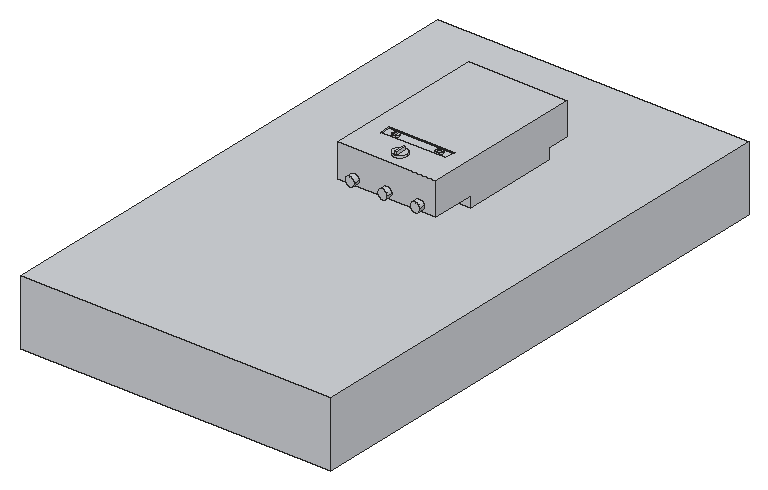
Revit family "M_Aquecedor de água - Sem reservatório", category Equipamento mecânico, Revit 2019
Family settings
  Hospedeiro = Face
  Cota do conector redondo = Usar raio
  Tipo de parte = Normal
  Número OmniClass = 23.65.35.11.14
  Título OmniClass = Instantaneous Water Heaters
  ID de item do Seek = Water Heater - Tankless-0000-CAN-ENU
  Corte com vazios quando carregada = Não
  Compartilhado = Não
  Ponto de cálculo do ambiente = Não
Parameters (values of type "2.3 L")
  Largura do aquecedor de água = 203 mm
  Material do aquecedor de água = none
  Comprimento do aquecedor de água = 457 mm
  Altura do aquecedor de água = 762 mm
  Voltagem = 120 V
  Raio da ventilação = 50 mm
  Diâmetro da ventilação = 2 * Raio da ventilação  # 100 mm
  Número de pólos = 1
  Classificação de carga = Eletrodoméstico - Unidade de interrupção
  Raio da água quente = 7.5 mm
  Diâmetro da água quente = 2 * Raio da água quente  # 15 mm
  Largura de meio aquecedor de água = Comprimento do aquecedor de água / 2  # 228.5 mm
  Raio do gás = 7.5 mm
  Diâmetro do gás = 2 * Raio do gás  # 15 mm
  Pressão do fluxo [instance] = 172369.0 Pa
  Fluxo [instance] = 0.82 L/s
  Elevação-padrão = 1500 mm
  Raio da água gelada = 7.5 mm
  Diâmetro da água gelada = 2 * Raio da água gelada  # 15 mm
  Carga aparente = 125 VA
Reference planes
  plane 1 "Centro (Frente/Trás)": y = 0
  plane 2: z = 0
  plane 3 "Centro (Esquerda/Direita)": x = 0
  plane 4: y = 762
  plane 5: x = -228.5
  plane 6: x = 228.5
  plane 7: z = 50.8
  plane 8: z = 203
  plane 9: y = 203.2
  plane 10: y = 660.4
  plane 11: y = -25.4
  plane 12: z = 76.2
  plane 13: x = -152.3
  plane 14: x = 152.3
  plane 15: y = 152.4
  plane 16: x = -152.4
  plane 17: x = 152.4
  plane 18: z = 199.825
  plane 19: x = -101.6
  plane 20: x = 101.6
  plane 21: y = 177.8
  plane 22: y = 76.2
  plane 23: z = 209.35
  plane 24: z = 206.175
  plane 25: x = 3.175
  plane 26: x = -3.175
  plane 27: z = 222.05
  plane 28: y = 101.6
  plane 29: y = 50.8
  plane 30: x = -103.187
  plane 31: x = -100.012
  plane 32: y = 190.5
  plane 33: y = 165.1
  plane 34: z = 126.9
Forms (mm)
  Extrusion 1, solid
    sketch origin (0, 0, 0) x (1, 0, 0) y (0, 1, 0)
      loop
        line (-736.6, 1219.2) -> (-736.6, -1219.2) -> (711.2, -1219.2) -> (711.2, 1219.2) -> (-736.6, 1219.2)
    from 0 to -304.8
  Extrusion 2, solid, material <- "Material do aquecedor de água", detail levels fine
    sketch origin (0, 0, 0) x (0, 1, 0) y (0, 0, 1)
      loop
        line (762, 203) -> (0, 203) -> (0, 50.8) -> (203.2, 50.8) -> (203.2, 0) -> (660.4, 0) -> (660.4, 50.8) -> (762, 50.8) -> (762, 203)
    from -228.5 to 228.5
  Extrusion 3, solid, material <- "Material do aquecedor de água", detail levels fine
    sketch origin (0, 0, 0) x (1, 0, 0) y (0, 0, 1)
      loop
        circle (-152.3, 76.2) r 21.431
      loop
        circle (0, 76.2) r 21.431
      loop
        circle (152.3, 76.2) r 21.431
    from 25.4 to 0
  Extrusion 4, void
    sketch origin (0, 0, 0) x (1, 0, 0) y (0, 1, 0)
      loop
        line (-152.4, 203.2) -> (-152.4, 152.4) -> (152.4, 152.4) -> (152.4, 203.2) -> (-152.4, 203.2)
    from 199.825 to 203
  Extrusion 5, solid, material <- "Material do aquecedor de água", detail levels fine
    sketch origin (0, 0, 0) x (1, 0, 0) y (0, 1, 0)
      loop
        circle (-101.6, 177.8) r 15.875
      loop
        circle (101.6, 177.8) r 15.875
    from 199.825 to 203
  Extrusion 6, solid, material <- "Material do aquecedor de água", detail levels fine
    sketch origin (0, 0, 0) x (1, 0, 0) y (0, 1, 0)
      loop
        circle (0, 76.2) r 31.75
    from 203 to 209.35
  Extrusion 7, solid, material <- "Material do aquecedor de água", detail levels fine
    sketch origin (0, 0, 0) x (1, 0, 0) y (0, 1, 0)
      loop
        circle (101.6, 177.8) r 6.35
    from 203 to 206.175
  Extrusion 8, solid, material <- "Material do aquecedor de água", detail levels fine
    sketch origin (0, 0, 0) x (1, 0, 0) y (0, 1, 0)
      loop
        line (-3.175, 101.6) -> (-3.175, 50.8) -> (3.175, 50.8) -> (3.175, 101.6) -> (-3.175, 101.6)
    from 209.35 to 222.05
  Extrusion 9, solid, material <- "Material do aquecedor de água", detail levels fine
    sketch origin (0, 0, 0) x (1, 0, 0) y (0, 1, 0)
      loop
        line (-103.187, 190.5) -> (-103.187, 165.1) -> (-100.012, 165.1) -> (-100.012, 190.5) -> (-103.187, 190.5)
    from 203 to 209.35
  Extrusion 10, solid
    sketch origin (0, 0, 0) x (1, 0, 0) y (0, 1, 0)
      loop
        circle (0, 152.4) r 3.175
    from 76.2 to 50.8
  Extrusion 11, solid, material <- "Material do aquecedor de água", detail levels fine
    sketch origin (0, 0, 0) x (1, 0, 0) y (0, 0, 1)
      loop
        circle (0, 126.9) r 12.7
    from -660.4 to -762
  Extrusion 12, solid, material <- "Material do aquecedor de água", detail levels coarse+medium
    sketch origin (0, 0, 0) x (1, 0, 0) y (0, 0, 1)
      loop
        line (228.5, 203) -> (-228.5, 203) -> (-228.5, 0) -> (228.5, 0) -> (228.5, 203)
    from -762 to 25.4
Cuts and joins
  Extrusion 4 cuts Extrusion 2
  joined: Extrusion 2, Extrusion 3, Extrusion 5, Extrusion 6, Extrusion 7, Extrusion 8, Extrusion 9, Extrusion 11
Dimensions and locks
  "Altura do aquecedor de água": plane 4 to plane 1 "Centro (Frente/Trás)"
  "Largura de meio aquecedor de água": plane 5 to plane 3 "Centro (Esquerda/Direita)"
  "Comprimento do aquecedor de água": plane 5 to plane 6
  locked: plane 7 to plane 2 at 50.8
  "Largura do aquecedor de água": plane 2 to plane 8
  locked: plane 4 to plane 10 at 101.6
  locked: plane 9 to plane 1 "Centro (Frente/Trás)" at 203.2
  locked: plane 11 to Extrusion 2 at 25.4
  locked: plane 12 to plane 2 at 76.2
  locked: plane 13 to plane 5 at 76.2
  locked: plane 6 to plane 14 at 76.2
  locked: plane 15 to plane 1 "Centro (Frente/Trás)" at 152.4
  locked: plane 16 to plane 3 "Centro (Esquerda/Direita)" at 152.4
  locked: plane 3 "Centro (Esquerda/Direita)" to plane 17 at 152.4
  locked: plane 8 to plane 18 at 3.175
  locked: plane 19 to plane 3 "Centro (Esquerda/Direita)" at 101.6
  locked: plane 3 "Centro (Esquerda/Direita)" to plane 20 at 101.6
  equal spacing: plane 9, plane 21, plane 15
  locked: plane 22 to plane 1 "Centro (Frente/Trás)" at 76.2
  locked: plane 23 to plane 8 at 6.35
  locked: plane 24 to plane 8 at 3.175
  locked: plane 3 "Centro (Esquerda/Direita)" to plane 25 at 3.175
  locked: plane 26 to plane 3 "Centro (Esquerda/Direita)" at 3.175
  locked: plane 23 to plane 27 at 12.7
  locked: plane 28 to plane 22 at 25.4
  locked: plane 22 to plane 29 at 25.4
  locked: plane 30 to plane 19 at 1.587
  locked: plane 19 to plane 31 at 1.587
  locked: plane 32 to plane 21 at 12.7
  locked: plane 21 to plane 33 at 12.7
  equal spacing: plane 7, plane 34, plane 8
  radius of Extrusion 3 sketch curve = 21.431 mm  (x3)
  radius of Extrusion 5 sketch curve = 15.875 mm  (x2)
  radius of Extrusion 6 sketch curve = 31.75 mm
  radius of Extrusion 7 sketch curve = 6.35 mm
  aligned and locked: plane 2 to Extrusion 1
  aligned and locked: level to Extrusion 1
  aligned and locked: plane 4 to Extrusion 2
  aligned and locked: plane 8 to Extrusion 2  (x2)
  aligned and locked: plane 1 "Centro (Frente/Trás)" to Extrusion 2
  aligned and locked: Extrusion 2 to plane 7  (x2)
  aligned and locked: Extrusion 2 to plane 2
  aligned and locked: Extrusion 2 to plane 10
  aligned and locked: Extrusion 2 to plane 5
  aligned and locked: plane 6 to Extrusion 2
  aligned and locked: plane 14 to Extrusion 3 sketch curve
  aligned and locked: plane 12 to Extrusion 3 sketch curve  (x3)
  aligned and locked: plane 3 "Centro (Esquerda/Direita)" to Extrusion 3 sketch curve
  aligned and locked: plane 13 to Extrusion 3 sketch curve
  aligned and locked: Extrusion 3 to plane 11
  aligned and locked: Extrusion 3 to plane 1 "Centro (Frente/Trás)"
  aligned and locked: cut or joined group 1 (Extrusion 2, Extrusion 3, Extrusion 4, Extrusion 5, Extrusion 6, Extrusion 7, Extrusion 8, Extrusion 9, Extrusion 11) to plane 16
  aligned and locked: cut or joined group 1 to plane 15
  aligned and locked: plane 17 to cut or joined group 1
  aligned and locked: cut or joined group 1 to plane 9
  aligned and locked: plane 8 to Extrusion 4
  aligned and locked: Extrusion 4 to plane 18
  aligned and locked: plane 20 to Extrusion 5 sketch curve
  aligned and locked: plane 21 to Extrusion 5 sketch curve  (x2)
  aligned and locked: plane 19 to Extrusion 5 sketch curve
  aligned and locked: cut or joined group 1 to Extrusion 5
  aligned and locked: plane 8 to Extrusion 5
  aligned and locked: plane 3 "Centro (Esquerda/Direita)" to Extrusion 6 sketch curve
  aligned and locked: plane 22 to Extrusion 6 sketch curve
  aligned and locked: plane 23 to Extrusion 6
  aligned and locked: Extrusion 6 to plane 8
  aligned and locked: plane 20 to Extrusion 7 sketch curve
  aligned and locked: plane 21 to Extrusion 7 sketch curve
  aligned and locked: plane 24 to Extrusion 7
  aligned and locked: Extrusion 7 to plane 8
  aligned and locked: plane 26 to Extrusion 8
  aligned and locked: Extrusion 8 to plane 25
  aligned and locked: plane 28 to Extrusion 8
  aligned and locked: Extrusion 8 to plane 29
  aligned and locked: plane 27 to Extrusion 8
  aligned and locked: Extrusion 8 to Extrusion 6
  aligned and locked: plane 31 to Extrusion 9
  aligned and locked: Extrusion 9 to plane 30
  aligned and locked: plane 32 to Extrusion 9
  aligned and locked: Extrusion 9 to plane 33
  aligned and locked: Extrusion 6 to Extrusion 9
  aligned and locked: Extrusion 9 to plane 8
  aligned and locked: plane 3 "Centro (Esquerda/Direita)" to Extrusion 10 sketch curve
  aligned and locked: plane 15 to Extrusion 10 sketch curve
  aligned and locked: plane 7 to Extrusion 10
  aligned and locked: plane 12 to Extrusion 10
  aligned and locked: plane 3 "Centro (Esquerda/Direita)" to Extrusion 11 sketch curve
  aligned and locked: plane 34 to Extrusion 11 sketch curve
  aligned and locked: plane 4 to Extrusion 11
  aligned and locked: plane 10 to Extrusion 11
  aligned and locked: plane 4 to Extrusion 12
  aligned and locked: plane 8 to Extrusion 12
  aligned and locked: plane 6 to Extrusion 12
  aligned and locked: Extrusion 12 to plane 5
  aligned and locked: Extrusion 12 to plane 2
  aligned and locked: plane 11 to Extrusion 12
Automatic sketch dimensions
  Extrusion 2 sketch curve to plane 1 "Centro (Frente/Trás)" = 0 mm
  Extrusion 2 sketch curve to plane 7 = 0 mm  (x2)
  Extrusion 2 sketch curve to plane 9 = 0 mm
  Extrusion 2 sketch curve to level = 0 mm
  Extrusion 2 sketch curve to plane 10 = 0 mm
  Extrusion 2 sketch curve to plane 4 = 0 mm
  Extrusion 2 sketch curve to plane 8 = 0 mm
  Extrusion 4 sketch curve to plane 13 = 0.1 mm
  plane 14 to Extrusion 4 sketch curve = 0.1 mm
  Extrusion 4 sketch curve to plane 15 = 0 mm
  Extrusion 4 sketch curve to plane 9 = 0 mm
  Extrusion 8 sketch curve to plane 26 = 0 mm
  Extrusion 8 sketch curve to plane 25 = 0 mm
  Extrusion 8 sketch curve to plane 29 = 0 mm
  Extrusion 8 sketch curve to plane 28 = 0 mm
  Extrusion 9 sketch curve to plane 30 = 0 mm
  Extrusion 9 sketch curve to plane 31 = 0 mm
  Extrusion 9 sketch curve to plane 33 = 0 mm
  Extrusion 9 sketch curve to plane 32 = 0 mm
  Extrusion 12 sketch curve to plane 5 = 0 mm
  Extrusion 12 sketch curve to level = 0 mm
  Extrusion 12 sketch curve to plane 6 = 0 mm
  Extrusion 12 sketch curve to plane 8 = 0 mm
  Extrusion 1 sketch curve to Extrusion 1 sketch curve = 1447.8 mm
  Extrusion 1 sketch curve to Extrusion 1 sketch curve = 2438.4 mm
  radius of Extrusion 10 sketch curve = 3.175 mm
  radius of Extrusion 11 sketch curve = 12.7 mm
Connectors
  piping at (0, -25.4, 76.2), diameter 15, driven by "Raio da água gelada", driven by "Pressão do fluxo", driven by "Fluxo"
    settings: on cut or joined group 1, index 1, connector inside diameter 15 mm, connector length 0 mm, flow factor 0, pipe flow 0.82 L/s, pressure drop 172369.0 Pa, fitting loss kfactor 0, connector angle 0.00°, fixture units 0, engagement length 0 mm, angle of deflection 0.00°, flow configuration 1, flow direction 1, fitting loss method 0, system type 20, joint type 0, gender type 0, connector reference index 2, connector utility 0, adjustable connector no, is connector primary yes, connector description "In"
  piping at (-152.3, -25.4, 76.2), diameter 15, driven by "Raio da água quente", driven by "Fluxo", driven by "Pressão do fluxo"
    settings: on cut or joined group 1, index 2, connector inside diameter 15 mm, connector length 0 mm, flow factor 0, pipe flow 0.82 L/s, pressure drop 172369.0 Pa, fitting loss kfactor 0, connector angle 0.00°, fixture units 0, engagement length 0 mm, angle of deflection 0.00°, flow configuration 0, flow direction 2, fitting loss method 0, system type 19, joint type 0, gender type 0, connector reference index 1, connector utility 0, adjustable connector no, is connector primary no, connector description "Saída"
  piping at (152.3, -25.4, 76.2), diameter 15, driven by "Raio do gás"
    settings: on cut or joined group 1, index 3, connector inside diameter 15 mm, connector length 0 mm, flow factor 0, pipe flow 0.0 L/s, pressure drop 0.0 Pa, fitting loss kfactor 0, connector angle 0.00°, fixture units 0, engagement length 0 mm, angle of deflection 0.00°, flow configuration 1, flow direction 1, fitting loss method 0, system type 22, joint type 0, gender type 0, connector reference index -1, connector utility 0, adjustable connector no, is connector primary no, connector description "Entrada de gás"
  hvac at (0, 762, 126.9), driven by "Raio da ventilação"
    settings: on cut or joined group 1, index 4, duct flow 0.0 L/s, flow factor 0, pres drop 0.0 Pa, loss coef 0, conn angle 0.00°, conn width 304.8 mm, conn height 304.8 mm, conn diameter 100 mm, duct sys type 3, conn prof type 0, flow config 1, flow direction 2, loss method 0, conn ref index -1, conn util no, is conn primary yes, conn desc ""
  electrical at (0, 152.4, 76.2), driven by "Carga aparente", driven by "Voltagem", driven by "Número de pólos", driven by "Classificação de carga"
    settings: on Extrusion 10, index 5, voltage 120 V, apparent load 125 VA, apparent load phase1 0 VA, apparent load phase2 0 VA, apparent load phase3 0 VA, power factor 0.8, load classification "Eletrodoméstico - Unidade de interrupção", number of poles 1, system type 30, power factor state 1, is connector primary yes, connector utility no, sub classification motor no, connector description ""
